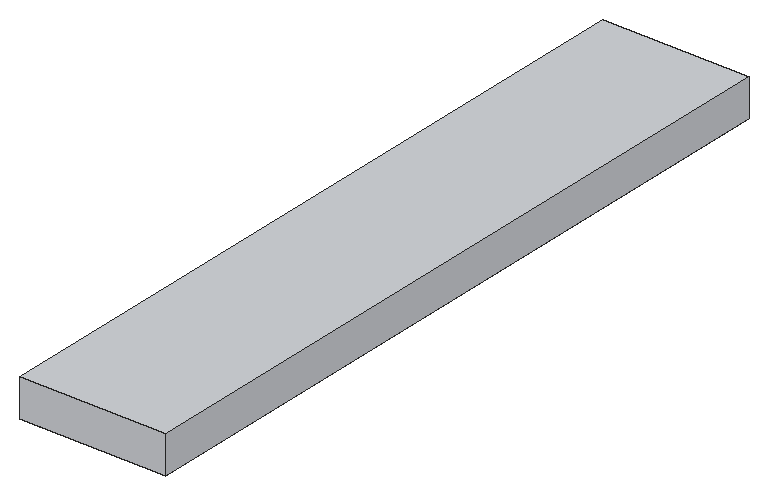
Revit family "ERK9989W_RAD771N", category 照明器具, Revit 2020
Family settings
  丸型コネクタ寸法 = 直径を使用
  パーツ タイプ = 標準
  OmniClass 番号 = 23.80.70.11.14
  OmniClass タイトル = General Luminaries, Directional
  作業面ベース = いいえ
  常に垂直 = はい
  ロード時にボイドで切り取り = はい
  光源 = はい
  共有 = いいえ
  部屋計算ポイント = いいえ
Parameters (values of type "ERK9989W_RAD771N")
  電源種別_記号 = "AC"
  電源種別 = ""
  防災用照明器具電源種別 = ""
  防災用照明器具種類 = ""
  運転質量 = 0.00 kg
  質量 = 0.00 kg
  負荷分類 = 8_照明
  積算_科目2 = "[1_1]照明"
  説明 = "ベースライト 下面開放 40Wタイプ W+220 埋込"
  誘導灯形式 = ""
  誘導灯仕様 = ""
  認定番号 = ""
  設置方法 = ""
  記号 = ""
  製造元 = "株式会社遠藤照明"
  製品質量 = 0.00 kg
  製品出荷対象 = ""
  製品リリース年月 = "2023.04"
  製品グループ = ""
  背面形式 = ""
  系統 [instance] = ""
  符号 = ""
  積算_科目 = "1 電灯設備"
  積算_拾い区分 = ""
  種別 [instance] = ""
  相 = 1
  皮相負荷 = 0 VA
  用途 = "E_一般照明"
  特殊仕様 [instance] = ""
  照明制御装置の種類 = ""
  法定耐用年数 = ""
  極数 = 1
  材質_本体 = none
  材質_反射板 = none
  材質_ルーバー = none
  材質_カバー = none
  材質 = ""
  既定の高さ = 0 mm
  形式 = "ベースライト"
  平均演色評価数(Ra) = 82
  定格消費電力 = 24.1 W
  定格入力電流 = 0 A
  定格入力電圧 = 0 V
  定格入力容量 = 0 VA
  定格光束 = 3996 lm
  安定器_蛍光灯 = ""
  安定器_定格電圧 = 0 V
  安定器_入力電流 = 0 A
  安定器_入力電力 = 0 W
  安定器_二次電圧 = 0 V
  埋込高さ = "58"
  埋込穴寸法 = "220x1235"
  固有エネルギー消費効率(lm/W) = 165.8
  器具サイズ = ""
  呼称 = "ベースライト"
  周波数 = 0 Hz
  参照している仕様書等のバージョン = ""
  分類コード = "40305100000000"
  分類グループ = ""
  公共型番 = "LRS3-4-37"
  傾斜角 = 90.00°
  価格 = 31800
  企業コード = "6932"
  付属品 = ""
  仕様書バージョン = ""
  仕様 = ""
  Wattage = 26.9015 W
  built-in parameter 1150110 = 1 (stored number, unit not read)
  built-in parameter 1114217 = 1 (stored number, unit not read)
  built-in parameter 1150109 = 1 (stored number, unit not read)
  built-in parameter 1150134 = 2
  ランプの種類 = "LED"
  ランプ_電流 = 0 A
  ランプ_本数 = 0
  ランプ_定格消費電力 = 0 W
  ランプ_定格消費効率(lm/W) = 0
  ランプ_大きさ = ""
  ランプ_全光束 = 0 lm
  ランプ = "LED"
  モデル = "ERK9989W_RAD771N"
  フォトメトリック Web ファイル = "ERK9989W_RAD771N.IES"
  イメージ(タイプ) = <なし>
  シンボル表示 = yes
  built-in parameter 1150113 = 1 (stored number, unit not read)
  Lumens = 3996 lm
  built-in parameter 1150115 = 1 (stored number, unit not read)
  built-in parameter 1150105 = 317.99 (stored number, unit not read)
  built-in parameter 1150137 = (empty or 0)
  built-in parameter 1150139 = (empty or 0)
  built-in parameter 1150112 = 1 (stored number, unit not read)
  built-in parameter 1150114 = 1 (stored number, unit not read)
  built-in parameter 1150132 = 2
  built-in parameter 1150102 = (empty or 0)
  built-in parameter 1150138 = (empty or 0)
  built-in parameter 1150107 = 5000 (stored number, unit not read)
  built-in parameter 1150106 = 3.1799 (stored number, unit not read)
  built-in parameter 1150104 = 13.8 (stored number, unit not read)
  Dimming Lamp Color Temperature Shift = (empty or 0)
  サービススペース表示 = no
  コメント = ""
  グレア分類 = ""
  Keynote = ""
  Color Filter = 16777215
  built-in parameter 1114218 = 1 (stored number, unit not read)
  built-in parameter 1150133 = 10 (stored number, unit not read)
  カバー形状 = ""
  built-in parameter 1150142 = "IESNA:LM-63-2002\r\n[TEST] ERK9989W_RAD771N  IJA3K(update:11111111)\r\n[MANUFAC] ENDO LIGHTING CORP.\r\n[LUMCAT] ERK9989W_RAD771N\r\n[LAMP] SDseries_4000lmÀ²Ìß_5000K 5000K\r\n[LAMPCAT] SDseries_4000lmÀ²??_5000K 4136 lm x1 5000K\r\nTILT=NONE\r\n1 4136 1.0 19 19 1 2 0 0 0\r\n1 1 0\r\n0 5 10 15 20 25 30 35 40 45 50 55 60 65 70 75 80 85 90 \r\n0 5 10 15 20 25 30 35 40 45 50 55 60 65 70 75 80 85 90 \r\n1345.1535 1344.8694 1328.5032 1301.1694 1262.6406 1215.19 1158.2493 1089.8295 1014.1927 933.3846 847.9735 757.6753 664.8199 571.3393 475.0402 366.0288 250.6301 129.7987\r\n1.2652\r\n1345.1535 1344.017 1327.4803 1300.317 1261.9019 1214.1671 1157.3969 1089.2044 1013.6244 932.6458 847.4052 757.107 664.0811 570.4869 474.0343 365.6083 250.1982 129.6112\r\n1.2681\r\n1345.1535 1342.9941 1326.6279 1299.1236 1260.5948 1212.8601 1156.2035 1087.9542 1012.1469 931.2252 845.8141 755.5159 662.0922 568.4412 472.1647 364.0569 248.7321 128.952\r\n1.2724\r\n1345.1535 1342.2553 1325.7187 1297.987 1259.3446 1211.3258 1154.4987 1086.0789 1009.9875 928.7816 842.9159 752.6745 658.6257 564.611 468.4255 361.2554 246.1862 127.7302\r\n1.2782\r\n1345.1535 1341.5734 1324.7526 1297.3051 1258.1513 1209.5641 1153.1917 1084.3173 1007.7144 925.3151 839.0517 748.0715 653.8522 559.4341 463.2486 357.4423 242.6232 125.9345\r\n1.2839\r\n1345.1535 1339.6981 1322.7068 1294.8047 1255.8782 1207.0069 1150.1798 1081.4759 1004.7026 921.8487 835.0169 743.5822 648.2832 552.6773 457.0658 352.7256 238.2247 123.5591\r\n1.2911\r\n1345.1535 1338.2774 1321.1725 1292.8158 1253.4346 1203.8246 1146.0315 1077.8958 1000.4973 916.6774 829.8457 738.4109 641.9186 545.0568 449.4453 346.8611 233.0762 120.57\r\n1.2983\r\n1345.1535 1337.0841 1319.8655 1291.111 1250.9911 1200.6423 1141.8263 1073.9747 995.6102 911.1084 823.3674 731.0802 634.5879 537.1522 440.961 339.1098 227.0355 116.8762\r\n1.3069\r\n1345.1535 1337.3682 1319.4109 1290.0881 1249.3999 1198.3692 1138.1325 1070.2242 991.1777 905.7666 816.3208 723.2949 626.8594 528.3781 431.4766 330.1653 220.3924 112.4892\r\n1.3155\r\n1345.1535 1337.5387 1319.5813 1289.804 1248.377 1196.6076 1135.4048 1066.2463 987.4271 901.05 809.7289 715.6801 617.9375 518.7459 420.5487 320.3058 213.0447 107.3293\r\n1.3256\r\n1345.1535 1337.6523 1319.4109 1289.0652 1246.9563 1194.6186 1132.3361 1062.0411 984.1312 896.7311 804.5576 708.3494 609.4703 508.6818 409.189 309.9121 205.2423 101.4875\r\n1.3342\r\n1345.1535 1337.5387 1319.1267 1288.6674 1245.8198 1192.7433 1129.6084 1058.1768 979.0735 892.9805 799.6705 701.8711 601.5145 499.3394 398.1191 298.5808 197.2183 94.8898\r\n1.3414\r\n1345.1535 1336.9704 1318.2743 1287.1899 1243.774 1190.0156 1126.483 1054.3126 974.0728 888.2071 795.3516 696.5862 593.786 490.1335 387.3333 285.6128 187.3134 87.7012\r\n1.3414\r\n1345.1535 1337.5387 1318.388 1286.9058 1242.9216 1188.7086 1124.3235 1051.5849 970.3222 883.0358 791.3169 692.5515 588.4443 482.2288 377.559 273.4462 176.8288 80.6262\r\n1.3342\r\n1345.1535 1339.6981 1320.5474 1288.7811 1244.2286 1188.9927 1123.7553 1050.1074 968.3332 879.7398 786.6003 688.8009 585.3188 476.4779 368.7849 262.5638 164.8383 73.6422\r\n1.3256\r\n1345.1535 1339.8118 1320.5474 1288.4969 1243.6604 1188.4245 1123.3006 1048.8572 966.5716 877.2963 783.2475 683.516 580.7158 473.7445 362.7499 253.0907 152.4727 66.6241\r\n1.3141\r\n1345.1535 1339.6981 1320.1496 1288.0991 1242.9216 1187.1174 1121.5958 1047.0955 964.128 874.739 779.9515 680.3337 576.1128 468.2834 360.3063 248.1297 142.7553 57.9409\r\n1.3026\r\n1345.1535 1336.6863 1317.1378 1284.9168 1239.7393 1183.992 1118.584 1044.0837 961.0025 870.7043 775.519 674.7078 569.7482 461.9529 353.1177 243.1232 137.9079 49.0997\r\n1.2911\r\n1345.1535 1331.3445 1311.796 1279.2909 1234.4544 1178.9343 1113.6969 1039.4807 956.6837 866.9537 771.2001 670.8435 565.6169 456.6339 347.3611 236.8836 132.9356 46.1237\r\n1.2854\r\n"
  diameter = 0 mm
  Width = 250 mm
  Version = ""
  Uniclass2015Version = ""
  Uniclass2015Title = ""
  Uniclass2015Code = ""
  URL = "https://www.endo-lighting.co.jp/"
  SpecificationReference = ""
  SpecificationDescription = ""
  Revision = ""
  ProductInformation = ""
  OmniClassCode = "23.80.70.11.14"
  LED制御装置 = ""
  IfcTypeProduct = ""
  IfcProduct = ""
  IfcExportType = ""
  IfcExportAs = "IfcLightFixtureType"
  Height = 64 mm
  Depth = 1254 mm
  Clearance Top = 0 mm
  Clearance Right = 0 mm
  Clearance Left = 0 mm
  Clearance Front = 0 mm
  Clearance Bottom = 0 mm
  Clearance Back = 0 mm
  Author = "遠藤照明"
Reference planes
  plane 1 "光源軸(正面/背面)": y = 0
  plane 2: z = 0
  plane 3 "光源軸(左/右)": x = 0
  plane 4 "光源高さ": z = -5
  plane 5: x = 125
  plane 6: x = -125
  plane 7: y = 627
  plane 8: y = -627
  plane 9: z = 64
  plane 10: z = 0
  plane 11: z = 62
  plane 12: z = -2
Forms (mm)
  Extrusion 1, solid
    sketch origin (0, 0, 0) x (1, 0, 0) y (0, 0, 1)
      loop
        line (-125, 64) -> (-125, 0) -> (125, 0) -> (125, 64) -> (-125, 64)
    from 627 to -627
  Extrusion 2, solid, material "発光面"
    sketch origin (0, 0, 0) x (1, 0, 0) y (0, 0, 1)
      loop
        line (-125, -2) -> (125, -2) -> (125, 0) -> (-125, 0) -> (-125, -2)
    from 627 to -627
  Extrusion 3, void
    sketch origin (-20, -18.5, 0) x (1, 0, 0) y (0, 1, 0)
      loop
        line (-105, -608.5) -> (145, -608.5) -> (145, 645.5) -> (-105, 645.5) -> (-105, -608.5)
    from 64 <- "Height" to 0
Lines and regions (mm)
  symbolic lines, detail levels fine
    curve 1: line (-125, 627, 0) -> (-125, -627, 0)
    curve 2: line (125, -627, 0) -> (125, 627, 0)
    curve 3: line (125, 627, 0) -> (-125, 627, 0)
    curve 4: line (-125, -627, 0) -> (125, -627, 0)
Dimensions and locks
  equal spacing: plane 6, plane 3 "光源軸(左/右)", plane 5
  "Width": plane 6 to plane 5
  equal spacing: plane 8, plane 1 "光源軸(正面/背面)", plane 7
  "Depth": plane 8 to plane 7
  "Height": plane 9 to plane 2
  locked: plane 9 to plane 11 at 2
  plane 10 to plane 4 "光源高さ" = 5 mm
  aligned and locked: plane 3 "光源軸(左/右)" to imposter light
  aligned and locked: plane 1 "光源軸(正面/背面)" to imposter light
  aligned and locked: plane 4 "光源高さ" to imposter light
  aligned and locked: level to plane 2
  aligned and locked: plane 6 to Extrusion 1 sketch curve
  aligned and locked: plane 2 to Extrusion 1 sketch curve
  aligned and locked: plane 5 to Extrusion 1 sketch curve
  aligned and locked: plane 7 to Extrusion 1
  aligned and locked: plane 8 to Extrusion 1
  aligned and locked: plane 7 to Extrusion 2
  aligned and locked: plane 8 to Extrusion 2
  aligned and locked: plane 12 to Extrusion 2 sketch curve
  aligned and locked: plane 6 to Extrusion 2 sketch curve
  aligned and locked: Extrusion 2 sketch curve to Extrusion 1  (x2)
  aligned and locked: Extrusion 3 to Extrusion 1  (x2)
  aligned and locked: Extrusion 3 sketch curve to Extrusion 1
Automatic sketch dimensions
  plane 9 to Extrusion 1 sketch curve = 0 mm
  Extrusion 3 sketch curve to plane 6 = 0 mm
  Extrusion 3 sketch curve to plane 5 = 0 mm
  Extrusion 3 sketch curve to plane 1 "光源軸(正面/背面)" = 627 mm
  curve 1 to plane 7 = 0 mm
  curve 1 to plane 6 = 0 mm
  curve 3 to plane 5 = 0 mm
  plane 8 to curve 2 = 0 mm
Nested families
  nested 1: "symbol_line" at (0, 0, 0) x (0, -1, 0) z (0, 0, 1), visible <- "シンボル表示", type "1/100", detail levels coarse+medium
Connectors
  electrical at (0, 0, 64), driven by "極数", driven by "負荷分類", driven by "皮相負荷", driven by "定格入力電圧"
    settings: on Extrusion 1, index 1, voltage 0 V, apparent load 0 VA, apparent load phase1 0 VA, apparent load phase2 0 VA, apparent load phase3 0 VA, power factor 1, load classification "8_照明", number of poles 1, system type 30, power factor state 1, is connector primary yes, connector utility no, sub classification motor no, connector description ""
Definition of nested family "symbol_line"
  Parameters (values of type "1/100")
    縮尺倍率 = if([縮尺1/50], 1.25, if([縮尺1/100], 1, if([縮尺1/200], 0.8, 0)))  # 1
    縮尺1/50 = no
    縮尺1/200 = no
    縮尺1/100 = yes
    W = 12 mm * 縮尺倍率  # 12 mm
    D = 1.5 mm * 縮尺倍率  # 1.5 mm
  Reference planes
    plane 1: y = 0
    plane 2: x = 0
  Lines and regions (mm)
    Masking region 1
      outline origin (0, 0, 0) x (1, 0, 0) y (0, 1, 0)
        loop
          line (-6, 0.75) -> (-6, -0.75) -> (6, -0.75) -> (6, 0.75) -> (-6, 0.75)
    reference lines
      curve 1: line (-304.8, 0.75, 0) -> (304.8, 0.75, 0)
      curve 2: line (304.8, -0.75, 0) -> (-304.8, -0.75, 0)
      curve 3: line (-6, -304.8, 0) -> (-6, 304.8, 0)
      curve 4: line (6, 304.8, 0) -> (6, -304.8, 0)
      curve 5: line (-6, 0.75, 0) -> (6, 0.75, 0)
      curve 6: line (-6, -0.75, 0) -> (-6, 0.75, 0)
      curve 7: line (6, 0.75, 0) -> (6, -0.75, 0)
    detail lines
      curve 8: line (-6, 0.75, 0) -> (6, 0.75, 0)
      curve 9: line (-6, -0.75, 0) -> (-6, 0.75, 0)
      curve 10: line (6, 0.75, 0) -> (6, -0.75, 0)
      curve 11: line (6, -0.75, 0) -> (-6, -0.75, 0)
  Dimensions and locks
    equal spacing: curve 2, plane 1, curve 1, locked at 0.75 each
    equal spacing: curve 3, plane 2, curve 4, locked at 6 each
    "W": curve 3 to curve 4
    "D": curve 2 to curve 1
    aligned and locked: curve 1 to curve 5
    aligned and locked: curve 3 to curve 6
    aligned and locked: curve 4 to curve 7
    aligned and locked: curve 9 to curve 6
    aligned and locked: curve 10 to curve 7
    aligned and locked: curve 1 to curve 8
    aligned and locked: curve 2 to curve 11
    aligned and locked: Masking region 1 sketch curve to curve 8
    aligned and locked: Masking region 1 sketch curve to curve 10
    aligned and locked: Masking region 1 sketch curve to curve 11
    aligned and locked: Masking region 1 sketch curve to curve 9
  Automatic sketch dimensions
    curve 1 to curve 5 = 298.8 mm
    curve 2 to curve 1 = 0 mm  (x2)
    curve 5 to curve 1 = 298.8 mm
    curve 4 to curve 7 = 304.05 mm
    curve 3 to curve 4 = 0 mm  (x2)
    curve 5 to curve 3 = 304.05 mm
